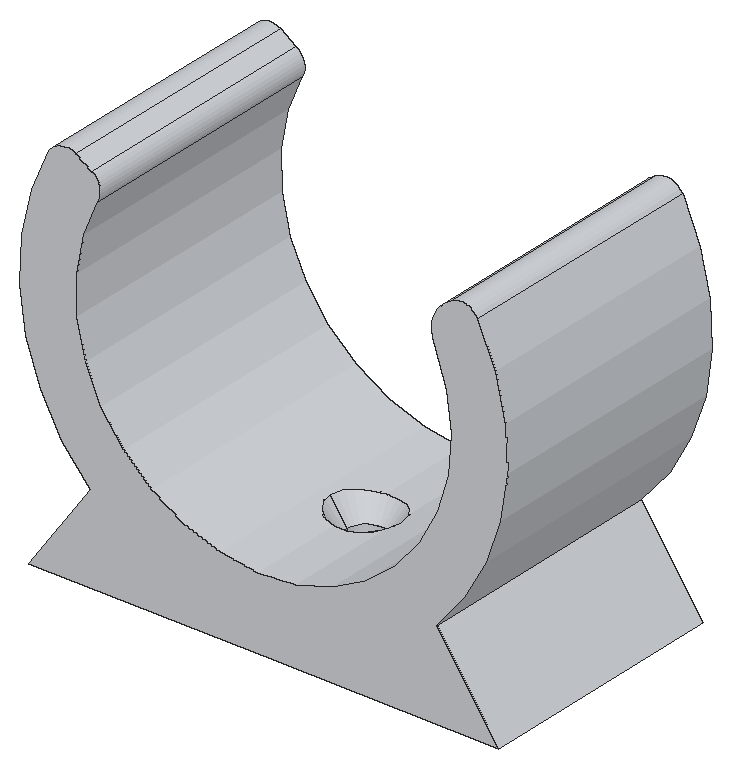
Revit family "PRSC20W", category Generic Models, Revit 2017
Family settings
  Can host rebar = No
  Round Connector Dimension = Use Diameter
  Part Type = Normal
  Work Plane-Based = Yes
  Always vertical = No
  Cut with Voids When Loaded = No
  Shared = No
  Room Calculation Point = No
Parameters (values of type "NBS Standard Parameters")
  Weight = "0.0075Kg"
  WarrantyStartDate [instance] = "1900-12-31T23:59:59"
  WarrantyGuarantorParts = "n/a"
  WarrantyGuarantorLabor = "n/a"
  WarrantyDurationUnit = "1 year"
  WarrantyDurationParts = "n/a"
  WarrantyDurationLabor = "n/a"
  WarrantyDescription = "n/a"
  Version = "1"
  Uniclass2 = "Pr_65_70_11_20"
  TagNumber [instance] = "n/a"
  SustainabilityPerformance = "n/a"
  Size = "20mm"
  Shape = "Circular"
  SerialNumber [instance] = "n/a"
  Revision = "n/a"
  ReplacementCost = "n/a"
  ProductInformation = "www.metpro.co.uk/pdf/prsc20w.pdf"
  NominalWidth = 13.5 mm
  NominalLength = 25 mm
  NominalHeight = 19.3 mm
  Name = ""
  NBSTypeID = ""
  NBSReference = "90-55-10/460"
  NBSOfficeMasterTag = ""
  NBSNote = ""
  NBSDescription = "Conduit Fittings"
  NBSCertification = ""
  ModelReference = "PRSC20W"
  ModelNumber = "n/a"
  Material = "PVC"
  ManufacturerURL = "www.metpro.co.uk"
  ManufacturerName = "Metpro Ltd"
  Keynote = "Manufactured to BS4607 Part 1"
  InstallationDate [instance] = "1900-12-31T23:59:59"
  IfcExportType = ""
  IfcExportAs = ""
  Grade = "n/a"
  Finish = "White"
  Features = "n/a"
  ExpectedLife = "n/a"
  DurationUnit = "year"
  Description = "PRSC20W - 20mm Retaining Clip"
  Default Elevation = 1219.2 mm
  Constituents = "n/a"
  Color = "n/a"
  CodePerformance = "n/a"
  Category = "n/a"
  BarCode [instance] = "n/a"
  BIMObjectName = "Metpro_metprolibrary_conduitfittings_pvc component_accessory"
  Author = "Metpro Ltd"
  AssetType = ""
  AssetIdentifier [instance] = "n/a"
  AccessibilityPerformance = "n/a"
Reference planes
  plane 1 "Center (Front/Back)": y = 0
  plane 2: z = 0
  plane 3 "Center (Left/Right)": x = 0
Forms (mm)
  Extrusion 1, solid
    sketch origin (2.998, 10.496, 10.909) x (-1, 0, 0) y (0, 0, 1)
      loop
        arc (-0.794, -16.317) -> (2.866, -8.998) -> (1.428, -0.942) r 13
        arc (1.428, -0.942) -> (0.786, -0.443) -> (-0.016, -0.579) r 1.011
        line (-0.016, -0.579) -> (-0.845, -1.123)
        arc (-0.845, -1.123) -> (-1.265, -1.712) -> (-1.178, -2.43) r 1
        arc (-1.178, -2.43) -> (-9.687, -17.134) -> (-19.099, -2.99) r 10
        arc (-19.099, -2.99) -> (-19.049, -1.592) -> (-20.001, -0.567) r 1.83
        arc (-20.001, -0.567) -> (-20.791, -0.439) -> (-21.422, -0.93) r 1
        arc (-21.422, -0.93) -> (-22.867, -8.991) -> (-19.206, -16.317) r 13
        line (-19.206, -16.317) -> (-22.5, -21.021) -> (-10, -21.021) -> (2.5, -21.021) -> (-0.794, -16.317)
    from -6.8 to 6.8
  Revolve 2, void
    sketch origin (2.998, 10.496, 10.909) x (-1, 0, 0) y (0, 0, 1)
      loop
        line (-10, -16.743) -> (-10, -21.405) -> (-9.013, -21.405) -> (-9.013, -18.259) -> (-7.952, -16.743) -> (-10, -16.743)
      axis (-10, -16.743) -> (-10, -21.405)
    angle from 0 to 360
Cuts and joins
  Revolve 2 cuts Extrusion 1
Dimensions and locks
  aligned and locked: level to plane 2
